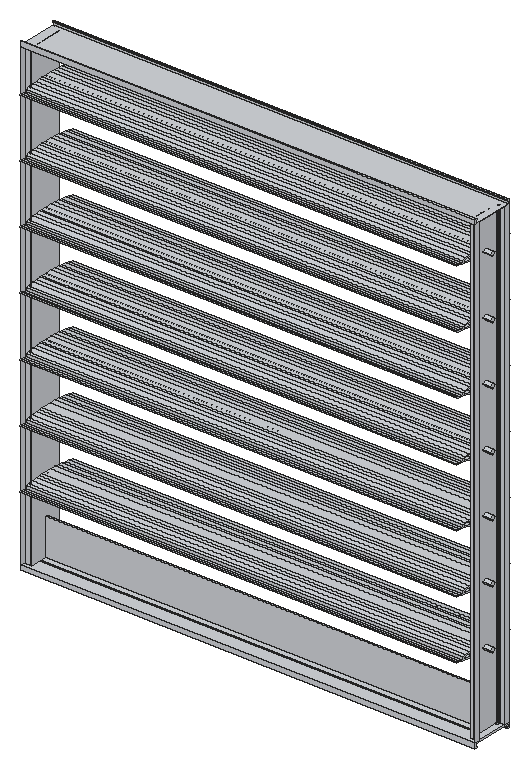
Revit family "CD-150,151", category Mechanical Equipment, Revit 2015
Parameters
  URL = "http://unitedenertech.com/catalog/pdf/A_9,%2010,%2011,%2012%20CD-150,%20151.pdf"
  Type Comments = "Max. Single Section Size is (60\"w x 72\"h)"
  Model = "CD-150, CD-151"
  Manufacturer = "United Enertech Corporation"
  Keynote = "This model is only a representation of the product, blade position will vary from built dampers."
  Exact Width = 4' - 0"
  Exact Height = 4' - 2"
  Description = "Airfoil Opposed Blade / Parallel Blade Control Damper"
  Blade Spacing = 0' - 6 1/4"
  Blade Number [instance] = rounddown((Exact Height - 0' 2 3/4") / Blade Spacing)  # 7
  BW [instance] = Exact Width - 0' 1 15/16"  # 3' - 10 1/16"
Reference planes (in)
  plane 1 "Center (Front/Back)": y = 0
  plane 2: z = 0
  plane 3 "Center (Left/Right)": x = 0
  plane 4: x = -24
  plane 5: x = 24
  plane 6: z = 50
  plane 7: z = 0.5
  plane 8: z = 49.5
  plane 9: x = -23.125
  plane 10: x = 23.125
  plane 11: z = 46.20312
Forms (in)
  Extrusion 1, solid
    sketch origin (-10.94563, 56.53311, 0) x (0, 1, 0) y (-1, 0, 0)
      loop
        line (-56.53311, 12.97437) -> (-56.07011, 12.97437) -> (-56.07011, 12.17937) -> (-52.49611, 12.17937) -> (-52.49611, 12.97437) -> (-52.03311, 12.97437) -> (-52.03311, 13.05437) -> (-52.57611, 13.05437) -> (-52.57611, 12.46516) -> (-52.61757, 12.51649) -> (-52.6794, 12.56048) -> (-52.75426, 12.58054) -> (-52.77072, 12.48933)
        arc (-52.77072, 12.48933) -> (-52.68095, 12.36712) -> (-52.81664, 12.43482) r 0.078
        line (-52.81664, 12.43482) -> (-52.90129, 12.4267) -> (-52.87778, 12.33896) -> (-52.8428, 12.29687) -> (-52.79089, 12.25937) -> (-55.76027, 12.25937) -> (-55.71053, 12.30912) -> (-55.67609, 12.36632) -> (-55.67078, 12.44579) -> (-55.75297, 12.44579)
        arc (-55.75297, 12.44579) -> (-55.87883, 12.36035) -> (-55.80226, 12.4918) r 0.078
        line (-55.80226, 12.4918) -> (-55.81534, 12.5768) -> (-55.90864, 12.5518) -> (-55.94901, 12.51604) -> (-55.99011, 12.45116) -> (-55.99011, 13.05437) -> (-56.53311, 13.05437) -> (-56.53311, 12.97437)
    from 0.5 to 49.5
  Extrusion 2, solid
    sketch origin (10.94563, 56.53311, 0) x (0, 1, 0) y (-1, 0, 0)
      loop
        line (-56.53311, -12.97437) -> (-56.53311, -13.05437) -> (-55.99011, -13.05437) -> (-55.99011, -12.45116) -> (-55.94901, -12.51604) -> (-55.90864, -12.5518) -> (-55.81534, -12.5768) -> (-55.80226, -12.4918)
        arc (-55.80226, -12.4918) -> (-55.87883, -12.36035) -> (-55.75297, -12.44579) r 0.078
        line (-55.75297, -12.44579) -> (-55.67078, -12.44579) -> (-55.67609, -12.36632) -> (-55.71053, -12.30912) -> (-55.76027, -12.25937) -> (-52.79089, -12.25937) -> (-52.8428, -12.29687) -> (-52.87778, -12.33896) -> (-52.90129, -12.4267) -> (-52.81664, -12.43482)
        arc (-52.81664, -12.43482) -> (-52.68095, -12.36712) -> (-52.77072, -12.48933) r 0.078
        line (-52.77072, -12.48933) -> (-52.75426, -12.58054) -> (-52.6794, -12.56048) -> (-52.61757, -12.51649) -> (-52.57611, -12.46516) -> (-52.57611, -13.05437) -> (-52.03311, -13.05437) -> (-52.03311, -12.97437) -> (-52.49611, -12.97437) -> (-52.49611, -12.17937) -> (-56.07011, -12.17937) -> (-56.07011, -12.97437) -> (-56.53311, -12.97437)
    from 0.5 to 49.5
  Extrusion 3, solid
    sketch origin (-23.46325, -52.03311, -12.20737) x (0, -1, 0) y (0, 0, 1)
      loop
        line (-56.34511, 12.28737) -> (-56.45311, 12.28737) -> (-56.45311, 12.62737) -> (-52.11311, 12.62737) -> (-52.11311, 12.28737) -> (-52.22111, 12.28737) -> (-52.22111, 12.20737) -> (-52.03311, 12.20737) -> (-52.03311, 12.70737) -> (-56.53311, 12.70737) -> (-56.53311, 12.20737) -> (-56.34511, 12.20737) -> (-56.34511, 12.28737)
    from -47.46325 to 0.53675
  Extrusion 4, solid
    sketch origin (-35.31788, -52.03311, 54.20737) x (0, -1, 0) y (0, 0, -1)
      loop
        line (-56.34511, 4.28737) -> (-56.45311, 4.28737) -> (-56.45311, 4.62737) -> (-52.11311, 4.62737) -> (-52.11311, 4.28737) -> (-52.22111, 4.28737) -> (-52.22111, 4.20737) -> (-52.03311, 4.20737) -> (-52.03311, 4.70737) -> (-56.53311, 4.70737) -> (-56.53311, 4.20737) -> (-56.34511, 4.20737) -> (-56.34511, 4.28737)
    from 11.31788 to 59.31788
  Extrusion 5, solid
    sketch origin (-54.80861, -46.85261, 19.59636) x (0, -1, 0) y (0, 0, -1)
      loop
        line (-49.18361, -29.40464) -> (-49.18361, -29.90364) -> (-48.43361, -29.90364) -> (-48.43361, -29.82364) -> (-49.10261, -29.82364) -> (-49.10261, -29.40464) -> (-49.18361, -29.40464)
    from 31.68361 to 77.93361
  Extrusion 6, solid
    sketch origin (0, -0.20948, -0.41805) x (0, 1, 0) y (0, 0, 1)
      loop
        line (2.45948, 4.91805) -> (2.38136, 4.91805) -> (2.38136, 0.99617) -> (1.70948, 0.99617) -> (1.70948, 0.91805) -> (2.45948, 0.91805) -> (2.45948, 4.91805)
    from -23.125 to 23.125
Dimensions and locks (in)
  equal spacing: plane 4, plane 3 "Center (Left/Right)", plane 5
  "Exact Width": plane 4 to plane 5
  "Exact Height": plane 6 to level
  locked: plane 7 to level at 0.5
  locked: plane 6 to plane 8 at 0.5
  locked: plane 4 to plane 9 at 0.875
  locked: plane 10 to plane 5 at 0.875
  locked: plane 6 to plane 11 at 3.79688
  equal spacing: group 1, group 2, group 3, group 4, group 5, group 6, group 7  (x2)
  equal spacing: group 7, group 6, group 5, group 4, group 3, group 2, group 1
  "Blade Spacing": nested 2 to nested 1
  aligned and locked: level to plane 2
  aligned and locked: Extrusion 1 to plane 7
  aligned and locked: Extrusion 2 to plane 7
  aligned and locked: plane 5 to Extrusion 3
  aligned and locked: plane 4 to Extrusion 3
  aligned and locked: plane 6 to Extrusion 4
  aligned and locked: plane 5 to Extrusion 4
  aligned and locked: plane 4 to Extrusion 4
  aligned and locked: plane 8 to Extrusion 1
  aligned and locked: plane 8 to Extrusion 2
  aligned and locked: Extrusion 5 to Extrusion 4
  aligned and locked: plane 10 to Extrusion 5
  aligned and locked: Extrusion 5 to plane 9
  aligned and locked: nested 1 to plane 11
  aligned and locked: Extrusion 6 to plane 9
  aligned and locked: plane 10 to Extrusion 6
Automatic sketch dimensions
  plane 1 "Center (Front/Back)" to Extrusion 1 sketch curve = 0' - 0"
  Extrusion 1 sketch curve to plane 9 = 0' - 0"
  Extrusion 1 sketch curve to plane 4 = 0' - 0"  (x2)
  Extrusion 1 sketch curve to plane 4 = 0' - 0.08"  (x2)
  Extrusion 1 sketch curve to plane 1 "Center (Front/Back)" = 0' - 0.463"
  Extrusion 1 sketch curve to Extrusion 1 sketch curve = 0' - 0.08"  (x2)
  Extrusion 1 sketch curve to Extrusion 1 sketch curve = 0' - 0.0411"
  Extrusion 1 sketch curve to Extrusion 1 sketch curve = 0' - 0.04037"
  Extrusion 1 sketch curve to Extrusion 1 sketch curve = 0' - 0.08303"
  Extrusion 1 sketch curve to Extrusion 1 sketch curve = 0' - 0.0933"
  Extrusion 1 sketch curve to plane 9 = 0' - 0.31242"
  Extrusion 1 sketch curve to Extrusion 1 sketch curve = 0' - 0.02335"
  Extrusion 1 sketch curve to plane 9 = 0' - 0.08"
  Extrusion 1 sketch curve to Extrusion 1 sketch curve = 0' - 0.06534"
  Extrusion 1 sketch curve to Extrusion 1 sketch curve = 0' - 0.04929"
  Extrusion 1 sketch curve to plane 9 = 0' - 0.12974"
  Extrusion 1 sketch curve to Extrusion 1 sketch curve = 0' - 0.04974"
  Extrusion 1 sketch curve to plane 9 = 0' - 0.18694"
  Extrusion 1 sketch curve to Extrusion 1 sketch curve = 0' - 0.03444"
  Extrusion 1 sketch curve to Extrusion 1 sketch curve = 0' - 0.00531"
  Extrusion 1 sketch curve to plane 9 = 0' - 0.24733"
  Extrusion 1 sketch curve to Extrusion 1 sketch curve = 0' - 2.76949"
  Extrusion 1 sketch curve to plane 9 = 0' - 0.15959"
  Extrusion 1 sketch curve to Extrusion 1 sketch curve = 0' - 0.02351"
  Extrusion 1 sketch curve to plane 9 = 0' - 0.11749"
  Extrusion 1 sketch curve to Extrusion 1 sketch curve = 0' - 0.03498"
  Extrusion 1 sketch curve to plane 9 = 0' - 0.25544"
  Extrusion 1 sketch curve to Extrusion 1 sketch curve = 0' - 0.08465"
  Extrusion 1 sketch curve to Extrusion 1 sketch curve = 0' - 0.05191"
  Extrusion 1 sketch curve to plane 9 = 0' - 0.30996"
  Extrusion 1 sketch curve to Extrusion 1 sketch curve = 0' - 0.04592"
  Extrusion 1 sketch curve to plane 9 = 0' - 0.40116"
  Extrusion 1 sketch curve to Extrusion 1 sketch curve = 0' - 0.01646"
  Extrusion 1 sketch curve to Extrusion 1 sketch curve = 0' - 0.03011"
  Extrusion 1 sketch curve to plane 9 = 0' - 0.3811"
  Extrusion 1 sketch curve to Extrusion 1 sketch curve = 0' - 0.07486"
  Extrusion 1 sketch curve to plane 9 = 0' - 0.33712"
  Extrusion 1 sketch curve to Extrusion 1 sketch curve = 0' - 0.06183"
  Extrusion 1 sketch curve to Extrusion 1 sketch curve = 0' - 0.04146"
  Extrusion 1 sketch curve to Extrusion 1 sketch curve = 0' - 0.463"
  Extrusion 1 sketch curve to Extrusion 1 sketch curve = 0' - 0.07442"
  Extrusion 1 sketch curve to Extrusion 1 sketch curve = 0' - 0.03378"
  Extrusion 1 sketch curve to Extrusion 1 sketch curve = 0' - 0.05133"
  Extrusion 1 sketch curve to Extrusion 1 sketch curve = 0' - 0.06488"
  Extrusion 1 sketch curve to Extrusion 1 sketch curve = 0' - 0.03576"
  Extrusion 1 sketch curve to Extrusion 1 sketch curve = 0' - 0.085"
  plane 1 "Center (Front/Back)" to Extrusion 2 sketch curve = 0' - 0"
  Extrusion 2 sketch curve to plane 10 = 0' - 0"
  Extrusion 2 sketch curve to plane 5 = 0' - 0"  (x2)
  plane 5 to Extrusion 2 sketch curve = 0' - 0.08"  (x2)
  Extrusion 2 sketch curve to Extrusion 2 sketch curve = 0' - 0.463"  (x2)
  Extrusion 2 sketch curve to Extrusion 2 sketch curve = 0' - 0.08"  (x2)
  Extrusion 2 sketch curve to Extrusion 2 sketch curve = 0' - 0.0411"
  Extrusion 2 sketch curve to Extrusion 2 sketch curve = 0' - 0.04037"
  Extrusion 2 sketch curve to Extrusion 2 sketch curve = 0' - 0.08303"
  Extrusion 2 sketch curve to Extrusion 2 sketch curve = 0' - 0.0933"
  Extrusion 2 sketch curve to plane 10 = 0' - 0.31242"
  Extrusion 2 sketch curve to Extrusion 2 sketch curve = 0' - 0.02335"
  Extrusion 2 sketch curve to plane 10 = 0' - 0.08"
  Extrusion 2 sketch curve to Extrusion 2 sketch curve = 0' - 0.06534"
  Extrusion 2 sketch curve to Extrusion 2 sketch curve = 0' - 0.04929"
  Extrusion 2 sketch curve to plane 10 = 0' - 0.12974"
  Extrusion 2 sketch curve to Extrusion 2 sketch curve = 0' - 0.04974"
  Extrusion 2 sketch curve to plane 10 = 0' - 0.18694"
  Extrusion 2 sketch curve to Extrusion 2 sketch curve = 0' - 0.03444"
  Extrusion 2 sketch curve to Extrusion 2 sketch curve = 0' - 0.00531"
  Extrusion 2 sketch curve to plane 10 = 0' - 0.24733"
  Extrusion 2 sketch curve to Extrusion 2 sketch curve = 0' - 2.76949"
  Extrusion 2 sketch curve to plane 10 = 0' - 0.15959"
  Extrusion 2 sketch curve to Extrusion 2 sketch curve = 0' - 0.02351"
  Extrusion 2 sketch curve to plane 10 = 0' - 0.11749"
  Extrusion 2 sketch curve to Extrusion 2 sketch curve = 0' - 0.03498"
  Extrusion 2 sketch curve to plane 10 = 0' - 0.25544"
  Extrusion 2 sketch curve to Extrusion 2 sketch curve = 0' - 0.08465"
  Extrusion 2 sketch curve to Extrusion 2 sketch curve = 0' - 0.05191"
  Extrusion 2 sketch curve to plane 10 = 0' - 0.30996"
  Extrusion 2 sketch curve to Extrusion 2 sketch curve = 0' - 0.04592"
  Extrusion 2 sketch curve to plane 10 = 0' - 0.40116"
  Extrusion 2 sketch curve to Extrusion 2 sketch curve = 0' - 0.01646"
  Extrusion 2 sketch curve to Extrusion 2 sketch curve = 0' - 0.07602"
  Extrusion 2 sketch curve to plane 10 = 0' - 0.3811"
  Extrusion 2 sketch curve to Extrusion 2 sketch curve = 0' - 0.07486"
  Extrusion 2 sketch curve to plane 10 = 0' - 0.33712"
  Extrusion 2 sketch curve to Extrusion 2 sketch curve = 0' - 0.06183"
  Extrusion 2 sketch curve to Extrusion 2 sketch curve = 0' - 0.04146"
  Extrusion 2 sketch curve to Extrusion 2 sketch curve = 0' - 0.07442"
  Extrusion 2 sketch curve to Extrusion 2 sketch curve = 0' - 0.03378"
  Extrusion 2 sketch curve to Extrusion 2 sketch curve = 0' - 0.05133"
  Extrusion 2 sketch curve to Extrusion 2 sketch curve = 0' - 0.06488"
  Extrusion 2 sketch curve to Extrusion 2 sketch curve = 0' - 0.03576"
  Extrusion 2 sketch curve to Extrusion 2 sketch curve = 0' - 0.085"
  Extrusion 3 sketch curve to level = 0' - 0"  (x2)
  Extrusion 3 sketch curve to plane 7 = 0' - 0"
  Extrusion 3 sketch curve to plane 1 "Center (Front/Back)" = 0' - 0"
  Extrusion 3 sketch curve to plane 1 "Center (Front/Back)" = 0' - 0.08"
  Extrusion 3 sketch curve to Extrusion 3 sketch curve = 0' - 0.108"  (x2)
  Extrusion 3 sketch curve to Extrusion 3 sketch curve = 0' - 4.124"
  Extrusion 3 sketch curve to plane 7 = 0' - 0.08"
  Extrusion 3 sketch curve to Extrusion 3 sketch curve = 0' - 0.08"
  level to Extrusion 3 sketch curve = 0' - 0.08"  (x2)
  plane 8 to Extrusion 4 sketch curve = 0' - 0"
  Extrusion 4 sketch curve to plane 6 = 0' - 0"  (x2)
  Extrusion 4 sketch curve to plane 1 "Center (Front/Back)" = 0' - 0"
  Extrusion 4 sketch curve to plane 1 "Center (Front/Back)" = 0' - 0.08"
  Extrusion 4 sketch curve to Extrusion 4 sketch curve = 0' - 0.108"  (x2)
  Extrusion 4 sketch curve to plane 6 = 0' - 0.08"  (x2)
  Extrusion 4 sketch curve to Extrusion 4 sketch curve = 0' - 4.124"
  Extrusion 4 sketch curve to Extrusion 4 sketch curve = 0' - 0.08"
  plane 8 to Extrusion 4 sketch curve = 0' - 0.08"
  plane 7 to Extrusion 5 sketch curve = 4' - 1"
  Extrusion 5 sketch curve to plane 1 "Center (Front/Back)" = 0' - 2.331"
  Extrusion 5 sketch curve to Extrusion 5 sketch curve = 0' - 0.081"
  Extrusion 5 sketch curve to Extrusion 5 sketch curve = 0' - 0.669"
  Extrusion 5 sketch curve to Extrusion 5 sketch curve = 0' - 0.08"
  Extrusion 5 sketch curve to Extrusion 5 sketch curve = 0' - 0.419"
  plane 7 to Extrusion 6 sketch curve = 0' - 0 5/64"
  Extrusion 6 sketch curve to plane 1 "Center (Front/Back)" = 0' - 1 1/2"
  Extrusion 6 sketch curve to plane 1 "Center (Front/Back)" = 0' - 2 11/64"
  Extrusion 6 sketch curve to Extrusion 6 sketch curve = 0' - 0 5/64"  (x2)
  Extrusion 6 sketch curve to Extrusion 6 sketch curve = 0' - 3 59/64"
Nested families (in)
  nested 1: "150BL" at (0, 10.1786, 39.81342), type "150BL"
    with Blade Width 3' - 10 1/16"
  nested 2: "150BL" at (0, 10.1786, 33.56342), type "150BL"
    with Blade Width 3' - 10 1/16"
  nested 3: "150BL" at (0, 10.1786, 27.31342), type "150BL"
    with Blade Width 3' - 10 1/16"
  nested 4: "150BL" at (0, 10.1786, 21.06342), type "150BL"
    with Blade Width 3' - 10 1/16"
  nested 5: "150BL" at (0, 10.1786, 14.81342), type "150BL"
    with Blade Width 3' - 10 1/16"
  nested 6: "150BL" at (0, 10.1786, 8.56342), type "150BL"
    with Blade Width 3' - 10 1/16"
  nested 7: "150BL" at (0, 10.1786, 2.31342), type "150BL"
    with Blade Width 3' - 10 1/16"
Definition of nested family "150BL"
  Parameters (values of type "150BL")
    Blade Width = 2' - 0"
  Reference planes (in)
    plane 1 "Center (Front/Back)": y = 0
    plane 2: z = 0
    plane 3 "Center (Left/Right)": x = 0
    plane 4: x = -12
    plane 5: x = 12
    plane 6: x = -13
    plane 7: x = -10
    plane 8: x = 10
    plane 9: x = 13
  Forms (in)
    Extrusion 1, solid
      sketch origin (-2.31356, 40.79672, -3.60269) x (0, 1, 0) y (0, 0, 1)
        loop
          line (-36.34156, 9.61771) -> (-36.32084, 9.54039) -> (-35.91646, 9.6284) -> (-35.52979, 9.70143) -> (-35.52979, 9.45594) -> (-35.10866, 9.38863) -> (-34.56147, 9.31504) -> (-33.98979, 9.2547) -> (-33.44761, 9.21299) -> (-32.30457, 9.21299) -> (-31.84572, 9.23281) -> (-31.11827, 9.29444) -> (-30.2516, 9.41611) -> (-29.72802, 9.51555) -> (-29.39051, 9.59023) -> (-29.41121, 9.66748) -> (-29.81927, 9.57842) -> (-30.20697, 9.50493) -> (-30.20697, 9.74845) -> (-30.5749, 9.80785) -> (-31.09993, 9.88042) -> (-31.53804, 9.93011) -> (-31.97601, 9.96997) -> (-32.28761, 9.99239) -> (-33.44926, 9.99239) -> (-34.00709, 9.96562) -> (-34.46872, 9.92725) -> (-34.91646, 9.87588) -> (-35.39441, 9.80551) -> (-35.81337, 9.73043) -> (-36.34156, 9.61771)
        loop
          line (-30.28697, 9.49123) -> (-30.28697, 9.68086) -> (-30.60239, 9.7311) -> (-31.0903, 9.79859) -> (-31.68303, 9.86403) -> (-32.29119, 9.91242) -> (-32.80024, 9.91242) -> (-32.57304, 9.68523) -> (-32.68722, 9.68523) -> (-32.86812, 9.86613) -> (-33.13163, 9.60279) -> (-32.86812, 9.33929) -> (-32.69003, 9.51737) -> (-32.57591, 9.51737) -> (-32.80029, 9.29299) -> (-32.57455, 9.29299) -> (-32.18907, 9.29646) -> (-31.42211, 9.34456) -> (-30.77365, 9.4172) -> (-30.28697, 9.49123)
        loop
          line (-35.44979, 9.71556) -> (-35.44979, 9.52354) -> (-34.79776, 9.42561) -> (-34.05369, 9.34096) -> (-33.4461, 9.29302) -> (-32.93603, 9.29302) -> (-33.24571, 9.60271) -> (-32.936, 9.91242) -> (-33.4472, 9.91242) -> (-33.92906, 9.8905) -> (-34.59722, 9.83347) -> (-35.15668, 9.76166) -> (-35.44979, 9.71556)
      from -9.68644 to 14.31356
    Extrusion 2, solid
      sketch origin (-2.31356, 40.743, -0.94078) x (0, 1, 0) y (0, 0, 1)
        loop
          line (-32.81439, 7.20422) -> (-33.0779, 6.94088) -> (-32.81439, 6.67738) -> (-32.55097, 6.9408) -> (-32.81439, 7.20422)
      from 12.31356 to 15.31356
    Extrusion 3, solid
      sketch origin (-35.56356, 40.743, -0.94078) x (0, 1, 0) y (0, 0, 1)
        loop
          line (-32.81439, 7.20422) -> (-33.0779, 6.94088) -> (-32.81439, 6.67738) -> (-32.55097, 6.9408) -> (-32.81439, 7.20422)
      from 22.56356 to 25.56356
  Dimensions and locks (in)
    equal spacing: plane 4, plane 3 "Center (Left/Right)", plane 5
    "Blade Width": plane 4 to plane 5
    locked: plane 6 to plane 4 at 1
    locked: plane 4 to plane 7 at 2
    locked: plane 8 to plane 5 at 2
    locked: plane 5 to plane 9 at 1
    aligned and locked: level to plane 2
    aligned and locked: plane 5 to Extrusion 1
    aligned and locked: plane 4 to Extrusion 1
    aligned and locked: plane 9 to Extrusion 2
    aligned and locked: plane 8 to Extrusion 2
    aligned and locked: plane 6 to Extrusion 3
    aligned and locked: Extrusion 3 to plane 7
  Automatic sketch dimensions
    Extrusion 1 sketch curve to plane 1 "Center (Front/Back)" = 0' - 4.45517"
    Extrusion 1 sketch curve to Extrusion 1 sketch curve = 0' - 0.02072"
    Extrusion 1 sketch curve to Extrusion 1 sketch curve = 0' - 0.40438"
    Extrusion 1 sketch curve to Extrusion 1 sketch curve = 0' - 0.10309"
    Extrusion 1 sketch curve to Extrusion 1 sketch curve = 0' - 0.28358"
    Extrusion 1 sketch curve to Extrusion 1 sketch curve = 0' - 0.08"  (x3)
    Extrusion 1 sketch curve to Extrusion 1 sketch curve = 0' - 0.05538"
    Extrusion 1 sketch curve to Extrusion 1 sketch curve = 0' - 0.23773"
    Extrusion 1 sketch curve to Extrusion 1 sketch curve = 0' - 0.34113"
    Extrusion 1 sketch curve to Extrusion 1 sketch curve = 0' - 0.24022"
    Extrusion 1 sketch curve to Extrusion 1 sketch curve = 0' - 0.3109"
    Extrusion 1 sketch curve to Extrusion 1 sketch curve = 0' - 0.31924"
    Extrusion 1 sketch curve to Extrusion 1 sketch curve = 0' - 0.23629"
    Extrusion 1 sketch curve to Extrusion 1 sketch curve = 0' - 0.12851"
    Extrusion 1 sketch curve to Extrusion 1 sketch curve = 0' - 0.50778"
    Extrusion 1 sketch curve to Extrusion 1 sketch curve = 0' - 0.46162"
    Extrusion 1 sketch curve to Extrusion 1 sketch curve = 0' - 0.0639"
    Extrusion 1 sketch curve to Extrusion 1 sketch curve = 0' - 0.07803"
    Extrusion 1 sketch curve to Extrusion 1 sketch curve = 0' - 0.47981"
    Extrusion 1 sketch curve to Extrusion 1 sketch curve = 0' - 0.54218"
    Extrusion 1 sketch curve to Extrusion 1 sketch curve = 0' - 0.00206"
    Extrusion 1 sketch curve to Extrusion 1 sketch curve = 0' - 0.00152"
    Extrusion 1 sketch curve to Extrusion 1 sketch curve = 0' - 0.20038"
    Extrusion 1 sketch curve to Extrusion 1 sketch curve = 0' - 0.11409"
    Extrusion 1 sketch curve to Extrusion 1 sketch curve = 0' - 0.1956"
    Extrusion 1 sketch curve to Extrusion 1 sketch curve = 0' - 0.19563"
    Extrusion 1 sketch curve to Extrusion 1 sketch curve = 0' - 0.06791"
    Extrusion 1 sketch curve to Extrusion 1 sketch curve = 0' - 0.06788"  (x2)
    Extrusion 1 sketch curve to Extrusion 1 sketch curve = 0' - 0.06783"
    Extrusion 1 sketch curve to Extrusion 1 sketch curve = 0' - 0.11025"
    Extrusion 1 sketch curve to Extrusion 1 sketch curve = 0' - 0.00282"
    Extrusion 1 sketch curve to Extrusion 1 sketch curve = 0' - 0.11413"
    Extrusion 1 sketch curve to Extrusion 1 sketch curve = 0' - 0.00136"
    Extrusion 1 sketch curve to Extrusion 1 sketch curve = 0' - 0.11417"
    Extrusion 1 sketch curve to Extrusion 1 sketch curve = 0' - 0.26998"
    Extrusion 1 sketch curve to Extrusion 1 sketch curve = 0' - 0.28185"
    Extrusion 1 sketch curve to Extrusion 1 sketch curve = 0' - 0.00359"
    Extrusion 1 sketch curve to Extrusion 1 sketch curve = 0' - 0.1155"
    Extrusion 1 sketch curve to Extrusion 1 sketch curve = 0' - 0.3116"
    Extrusion 1 sketch curve to Extrusion 1 sketch curve = 0' - 0.34335"
    Extrusion 1 sketch curve to Extrusion 1 sketch curve = 0' - 0 75/256"
    Extrusion 1 sketch curve to Extrusion 1 sketch curve = 0' - 0.14499"
    Extrusion 1 sketch curve to Extrusion 1 sketch curve = 0' - 0.42361"
    Extrusion 1 sketch curve to Extrusion 1 sketch curve = 0' - 0.30383"
    Extrusion 1 sketch curve to Extrusion 1 sketch curve = 0' - 0.43811"
    Extrusion 1 sketch curve to Extrusion 1 sketch curve = 0' - 0.00963"
    Extrusion 1 sketch curve to Extrusion 1 sketch curve = 0' - 0.34462"
    Extrusion 1 sketch curve to Extrusion 1 sketch curve = 0' - 0.17127"
    Extrusion 1 sketch curve to Extrusion 1 sketch curve = 0' - 0.02749"
    Extrusion 1 sketch curve to Extrusion 1 sketch curve = 0' - 0.31542"
    Extrusion 1 sketch curve to Extrusion 1 sketch curve = 0' - 0.03537"
    Extrusion 1 sketch curve to Extrusion 1 sketch curve = 0' - 0.3877"
    Extrusion 1 sketch curve to Extrusion 1 sketch curve = 0' - 0.09125"
    Extrusion 1 sketch curve to Extrusion 1 sketch curve = 0' - 0.31681"
    Extrusion 1 sketch curve to Extrusion 1 sketch curve = 0' - 0.0207"
    level to Extrusion 1 sketch curve = 0' - 5.6103"
    Extrusion 1 sketch curve to Extrusion 1 sketch curve = 0' - 0.01982"
    Extrusion 1 sketch curve to Extrusion 1 sketch curve = 0' - 0.04171"
    Extrusion 1 sketch curve to Extrusion 1 sketch curve = 0' - 0.00003"
    Extrusion 1 sketch curve to Extrusion 1 sketch curve = 0' - 0.06162"
    Extrusion 1 sketch curve to Extrusion 1 sketch curve = 0' - 0.08347"
    Extrusion 1 sketch curve to Extrusion 1 sketch curve = 0' - 0.06034"
    Extrusion 1 sketch curve to Extrusion 1 sketch curve = 0' - 0.04629"  (x3)
    Extrusion 1 sketch curve to Extrusion 1 sketch curve = 0' - 0.08627"
    Extrusion 1 sketch curve to Extrusion 1 sketch curve = 0' - 0.05012"
    Extrusion 1 sketch curve to Extrusion 1 sketch curve = 0' - 0.0736"
    Extrusion 1 sketch curve to Extrusion 1 sketch curve = 0' - 0.12167"
    Extrusion 1 sketch curve to Extrusion 1 sketch curve = 0' - 0.12276"
    Extrusion 1 sketch curve to Extrusion 1 sketch curve = 0' - 0.11057"
    Extrusion 1 sketch curve to Extrusion 1 sketch curve = 0' - 0.0673"
    Extrusion 1 sketch curve to Extrusion 1 sketch curve = 0' - 0.07512"  (x2)
    Extrusion 1 sketch curve to Extrusion 1 sketch curve = 0' - 0.0137"
    Extrusion 1 sketch curve to Extrusion 1 sketch curve = 0' - 0.01061"
    Extrusion 1 sketch curve to Extrusion 1 sketch curve = 0' - 0.22438"
    Extrusion 1 sketch curve to Extrusion 1 sketch curve = 0' - 0.0676"  (x2)
    Extrusion 1 sketch curve to Extrusion 1 sketch curve = 0' - 0.08446"
    Extrusion 1 sketch curve to Extrusion 1 sketch curve = 0' - 0.06287"
    Extrusion 1 sketch curve to Extrusion 1 sketch curve = 0' - 0.07468"
    Extrusion 1 sketch curve to Extrusion 1 sketch curve = 0' - 0.00008"
    Extrusion 1 sketch curve to Extrusion 1 sketch curve = 0' - 0.07732"
    Extrusion 1 sketch curve to Extrusion 1 sketch curve = 0' - 0.08801"
    Extrusion 1 sketch curve to Extrusion 1 sketch curve = 0' - 0.07726"
    Extrusion 1 sketch curve to Extrusion 1 sketch curve = 0' - 0.18963"
    Extrusion 1 sketch curve to Extrusion 1 sketch curve = 0' - 0.16786"
    Extrusion 1 sketch curve to Extrusion 1 sketch curve = 0' - 0.17789"
    Extrusion 1 sketch curve to Extrusion 1 sketch curve = 0' - 0.01413"
    Extrusion 1 sketch curve to Extrusion 1 sketch curve = 0' - 0.10203"
    Extrusion 1 sketch curve to Extrusion 1 sketch curve = 0' - 0.05024"
    Extrusion 1 sketch curve to Extrusion 1 sketch curve = 0' - 0.0461"
    Extrusion 1 sketch curve to Extrusion 1 sketch curve = 0' - 0.06749"
    Extrusion 1 sketch curve to Extrusion 1 sketch curve = 0' - 0.08995"
    Extrusion 1 sketch curve to Extrusion 1 sketch curve = 0' - 0.07675"
    Extrusion 1 sketch curve to Extrusion 1 sketch curve = 0' - 0.40786"
    Extrusion 1 sketch curve to Extrusion 1 sketch curve = 0' - 0.51947"
    Extrusion 1 sketch curve to Extrusion 1 sketch curve = 0' - 0.11422"
    Extrusion 1 sketch curve to Extrusion 1 sketch curve = 0' - 0.08183"
    Extrusion 1 sketch curve to Extrusion 1 sketch curve = 0' - 0.02193"
    Extrusion 1 sketch curve to Extrusion 1 sketch curve = 0' - 0.09378"
    Extrusion 1 sketch curve to Extrusion 1 sketch curve = 0' - 0.06608"
    Extrusion 1 sketch curve to Extrusion 1 sketch curve = 0' - 0.10594"
    Extrusion 1 sketch curve to Extrusion 1 sketch curve = 0' - 0.07997"
    Extrusion 2 sketch curve to plane 1 "Center (Front/Back)" = 0' - 7.6651"
    Extrusion 2 sketch curve to Extrusion 2 sketch curve = 0' - 0.26351"  (x2)
    Extrusion 2 sketch curve to Extrusion 2 sketch curve = 0' - 0.26342"  (x2)
    level to Extrusion 2 sketch curve = 0' - 5.73659"
    Extrusion 3 sketch curve to plane 1 "Center (Front/Back)" = 0' - 7.6651"
    Extrusion 3 sketch curve to Extrusion 3 sketch curve = 0' - 0.26351"  (x2)
    Extrusion 3 sketch curve to Extrusion 3 sketch curve = 0' - 0.26342"  (x2)
    level to Extrusion 3 sketch curve = 0' - 5.73659"
